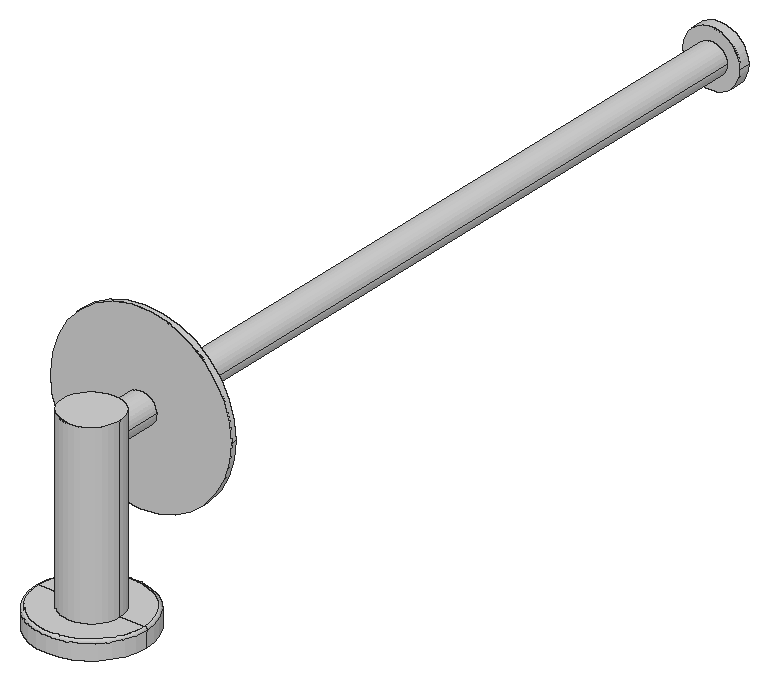
Revit family "LIANO II SPARE TOILET ROLL HOLDER", category Specialty Equipment, host Face, Revit 2020
Family settings
  Host = Face
  Round Connector Dimension = Use Radius
  Part Type = Normal
  OmniClass Number = 23.40.20.21.21
  OmniClass Title = Toilet Paper Dispensers
  Cut with Voids When Loaded = No
  Shared = No
  Room Calculation Point = No
Parameters (values of type "LIANO II SPARE TOILET ROLL HOLDER - CHROME")
  URL = "https://www.caroma.com.au/"
  Model = "96452C"
  Material_Base = GWA_Metal-Chrome
  Manufacturer = "GWA Bathrooms & Kitchens"  # constant formula
  Description = "LIANO II SPARE TOILET ROLL HOLDER - CHROME"
  Default Elevation = 1000.00 mm
  CreatedBy_ANZRS = "GWA Bathrooms & Kitchens"  # constant formula
  Assembly Code = "C1030220"
Types (7, lengths in mm): name | Model | Material_Base | Description
  (no name) | "96452C" | GWA_Metal-Chrome | "LIANO II SPARE TOILET ROLL HOLDER - CHROME"
  LIANO II SPARE TOILET ROLL HOLDER - CHROME | "96452C" | GWA_Metal-Chrome | "LIANO II SPARE TOILET ROLL HOLDER - CHROME"
  LIANO II SPARE TOILET ROLL HOLDER - MATTE BLACK | "96452B" | GWA-Metal-Black | "LIANO II SPARE TOILET ROLL HOLDER - MATTE BLACK"
  LIANO II SPARE TOILET ROLL HOLDER - BRUSHED NICKEL | "96452BN" | GWA_Metal-Brushed-Nickel | "LIANO II SPARE TOILET ROLL HOLDER - BRUSHED NICKEL"
  LIANO II SPARE TOILET ROLL HOLDER - BRUSHED BRASS | "96452BB" | GWA_Metal-Brushed-Brass | "LIANO II SPARE TOILET ROLL HOLDER - BRUSHED BRASS"
  LIANO II SPARE TOILET ROLL HOLDER - GUNMETAL | "96452GM" | GWA-Metal-Gunmetal Grey | "LIANO II SPARE TOILET ROLL HOLDER - GUNMETAL"
  LIANO II SPARE TOILET ROLL HOLDER - BRUSHED BRONZE | "96452BBZ" | GWA_Metal-Brushed-Bronze | "LIANO II SPARE TOILET ROLL HOLDER - BRUSHED BRONZE"
Reference planes
  plane 1 "Center (Front/Back)": y = 0
  plane 2: z = 0
  plane 3 "Center (Left/Right)": x = 0
Forms (mm)
  Revolve 1, solid, material "GWA_Metal-Chrome" <- "Material_Base"
    sketch origin (0, 0, 0) x (1, 0, 0) y (0, 0, 1)
      loop
        line (0, 7) -> (0, 0) -> (21.5, 0) -> (21.5, 6)
        arc (21.5, 6) -> (21.207, 6.707) -> (20.5, 7) r 1
        line (20.5, 7) -> (0, 7)
      axis (0, 0) -> (0, 7)
    angle from 0 to 360
  Extrusion 2, solid, material "GWA_Metal-Chrome" <- "Material_Base"
    sketch origin (0, 0, 0) x (1, 0, 0) y (0, 1, 0)
      loop
        circle (0, 0) r 11
    from 7 to 75
  Extrusion 3, solid, material "GWA_Metal-Chrome" <- "Material_Base"
    sketch origin (0, 0, 0) x (1, 0, 0) y (0, 0, 1)
      loop
        circle (0, 65) r 6
    from 0 to -300
  Extrusion 4, solid, material "GWA_Metal-Chrome" <- "Material_Base"
    sketch origin (0, 0, 0) x (1, 0, 0) y (0, 0, 1)
      loop
        circle (0, 65) r 11
    from -300 to -304
  Extrusion 5, solid, material "GWA_Metal-Chrome" <- "Material_Base"
    sketch origin (0, 0, 0) x (1, 0, 0) y (0, 0, 1)
      loop
        circle (0, 65) r 35
    from -24 to -26
Cuts and joins
  joined: Revolve 1, Extrusion 2, Extrusion 3, Extrusion 4, Extrusion 5
Lines and regions (mm)
  Masking region 1
    outline origin (0, 0, 0) x (1, 0, 0) y (0, 1, 0)
      loop
        arc (-6, 20.646) -> (0, -21.5) -> (6, 20.646) r 21.5
        line (6, 20.646) -> (6, 24) -> (35, 24) -> (35, 26) -> (6, 26) -> (6, 300) -> (11, 300) -> (11, 304) -> (-11, 304) -> (-11, 300) -> (-6, 300) -> (-6, 26) -> (-35, 26) -> (-35, 24) -> (-6, 24) -> (-6, 20.646)
  Masking region 2
    outline origin (0, 0, 0) x (0, 1, 0) y (0, 0, 1)
      loop
        line (24, 59) -> (24, 30) -> (26, 30) -> (26, 59) -> (300, 59) -> (300, 54) -> (304, 54) -> (304, 76) -> (300, 76) -> (300, 71) -> (26, 71) -> (26, 100) -> (24, 100) -> (24, 71) -> (11, 71) -> (11, 75) -> (-11, 75) -> (-11, 7) -> (-20.5, 7)
        arc (-20.5, 7) -> (-21.207, 6.707) -> (-21.5, 6) r 1
        line (-21.5, 6) -> (-21.5, 0) -> (21.5, 0) -> (21.5, 6)
        arc (21.5, 6) -> (21.207, 6.707) -> (20.5, 7) r 1
        line (20.5, 7) -> (11, 7) -> (11, 59) -> (24, 59)
  Masking region 3
    outline origin (0, 0, 0) x (1, 0, 0) y (0, 0, 1)
      loop
        arc (11, 31.774) -> (0, 100) -> (-11, 31.774) r 35
        line (-11, 31.774) -> (-11, 7) -> (-20.5, 7)
        arc (-20.5, 7) -> (-21.207, 6.707) -> (-21.5, 6) r 1
        line (-21.5, 6) -> (-21.5, 0) -> (21.5, 0) -> (21.5, 6)
        arc (21.5, 6) -> (21.207, 6.707) -> (20.5, 7) r 1
        line (20.5, 7) -> (11, 7) -> (11, 31.774)
  symbolic lines
    curve 1: line (0, 11, 75) -> (0, 11, 71)
    curve 2: line (0, 20.5, 7) -> (0, -20.5, 7)
    curve 3: line (0, 21.5, 0) -> (0, -21.5, 0)
    curve 4: line (0, -21.5, 0) -> (0, -21.5, 6)
    curve 5: line (0, 21.5, 0) -> (0, 21.5, 6)
    curve 6: arc (0, -21.5, 6) -> (0, -21.207, 6.707) -> (0, -20.5, 7) r 1
    curve 7: arc (0, 20.5, 7) -> (0, 21.207, 6.707) -> (0, 21.5, 6) r 1
    curve 8: line (0, -11, 75) -> (0, -11, 7)
    curve 9: line (11, 0, 7) -> (11, 0, 31.774)
    curve 10: line (20.5, 0, 7) -> (-20.5, 0, 7)
    curve 11: line (-21.5, 0, 0) -> (21.5, 0, 0)
    curve 12: line (21.5, 0, 0) -> (21.5, 0, 6)
    curve 13: line (-21.5, 0, 0) -> (-21.5, 0, 6)
    curve 14: line (-11, 0, 31.774) -> (-11, 0, 7)
    curve 15: arc (21.5, 0, 6) -> (21.207, 0, 6.707) -> (20.5, 0, 7) r 1
    curve 16: arc (-20.5, 0, 7) -> (-21.207, 0, 6.707) -> (-21.5, 0, 6) r 1
    curve 17: line (-11, 304, 0) -> (11, 304, 0)
    curve 18: line (-11, 300, 0) -> (-11, 304, 0)
    curve 19: line (11, 300, 0) -> (-11, 300, 0)
    curve 20: line (11, 304, 0) -> (11, 300, 0)
    curve 21: line (-35, 26, 0) -> (35, 26, 0)
    curve 22: line (-35, 24, 0) -> (-35, 26, 0)
    curve 23: line (35, 24, 0) -> (-35, 24, 0)
    curve 24: line (35, 26, 0) -> (35, 24, 0)
    curve 25: circle (0, 0, 0) r 11 normal (0, 0, 1)
    curve 26: arc (-6, 20.646, 0) -> (0, -21.5, 0) -> (6, 20.646, 0) r 21.5
    curve 27: line (-6, 26, 0) -> (-6, 300, 0)
    curve 28: line (6, 26, 0) -> (6, 300, 0)
    curve 29: line (6, 24, 0) -> (6, 9.22, 0)
    curve 30: line (-6, 24, 0) -> (-6, 9.22, 0)
    curve 31: line (0, 300, 76) -> (0, 304, 76)
    curve 32: line (0, 300, 54) -> (0, 300, 76)
    curve 33: line (0, 304, 54) -> (0, 300, 54)
    curve 34: line (0, 304, 76) -> (0, 304, 54)
    curve 35: line (0, 24, 100) -> (0, 26, 100)
    curve 36: line (0, 24, 30) -> (0, 24, 100)
    curve 37: line (0, 26, 30) -> (0, 24, 30)
    curve 38: line (0, 26, 100) -> (0, 26, 30)
    curve 39: line (0, -11, 75) -> (0, 11, 75)
    curve 40: line (0, 300, 71) -> (0, 26, 71)
    curve 41: line (0, 300, 59) -> (0, 26, 59)
    curve 42: line (0, 11, 59) -> (0, 11, 7)
    curve 43: arc (0, 11, 71) -> (0, 9.22, 65) -> (0, 11, 59) r 11
    curve 44: line (0, 24, 71) -> (0, 11, 71)
    curve 45: line (0, 24, 59) -> (0, 11, 59)
    curve 46: circle (0, 0, 65) r 35 normal (0, -1, 0)
    curve 47: circle (0, 0, 65) r 11 normal (0, -1, 0)
Dimensions and locks
  aligned and locked: plane 2 to host face
  aligned and locked: level to host face
